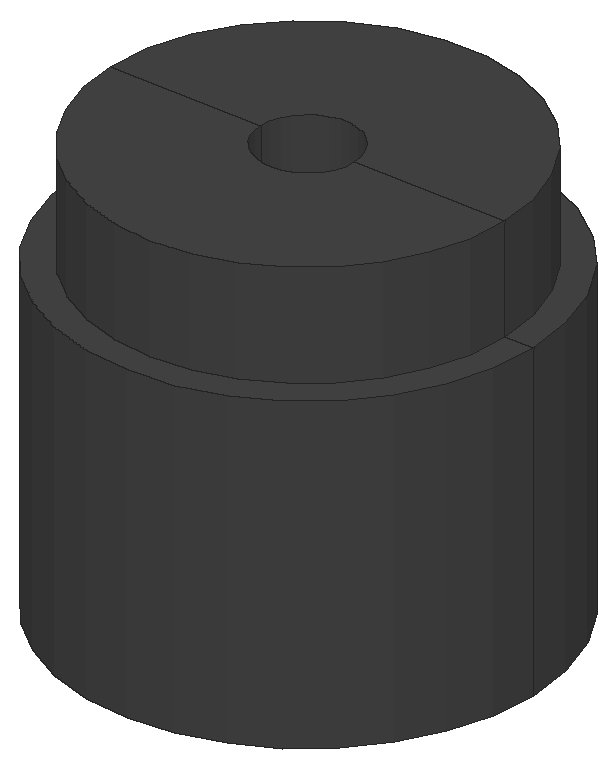
Revit family "Shrub Adapter", category Acessórios do tubo, Revit 2020
Family settings
  Cota do conector redondo = Utilizar diâmetro
  Tipo de parte = Normal
  Com base no plano de trabalho = Não
  Sempre na vertical = Sim
  Corte com vazios quando carregada = Não
  Compartilhado = Sim
Parameters (values of type "PA-8S")
  Visibily = no
  URL = ""
  SupportProjetos: Reviw Date = ""  # constant formula
  SupportProjetos: Reviw = "R00"  # constant formula
  SupportProjetos: Level of Detail = "LOD 300"  # constant formula
  SupportProjetos: Developed = "MICHEL SOARES MOTA"  # constant formula
  SupportProjetos: Creation Date = "31/07/2020"  # constant formula
  RainBird: Description [instance] = "Shrub Adapter PA-8S"
  RainBird: Comment = ""
  Modelo = "PA-8S"
  Material = Black
  Elevação padrão = 0 cm
  DT6 = 0.5 cm
  DT5 = 3 cm
  DT4 = 2 cm
  DT3 = 0.5 cm
  DT2 = 0.635 cm
  DT1 = 0.95 cm
  Comentários de tipos = "https://www.rainbird.com/"
Types (5, lengths in cm): name | Visibily | URL | RainBird: Description | Modelo | Material | DT5 | DT4 | DT1 | Comentários de tipos
  (no name) | no | "" | "Shrub Adapter PA-8S" | "PA-8S" | Black | 3 | 2 | 0.95 | "https://www.rainbird.com/"
  PA-8S | no | "" | "Shrub Adapter PA-8S" | "PA-8S" | Black | 3 | 2 | 0.95 | "https://www.rainbird.com/"
  PA-8S-NP | no | "https://www.rainbird.com/" | "Shrub Adapter PA-8S-NP" | "PA-8S-NP" | Purple | 3.3273 | 2 | 0.95 | 0
  PA-8S-PRS | yes | "https://www.rainbird.com/" | "Shrub Adapter PA-8S-PRS" | "PA-8S-PRS" | Black | 3.3273 | 13.3 | 0.9525 | 0
  PA-8S-P45 | yes | "https://www.rainbird.com/" | "Shrub Adapter PA-8S-P45" | "PA-8S-P45" | Black | 3.3273 | 13.3 | 0.95 | 0
Reference planes (cm)
  plane 1 "Centro (Frente/Trás)": y = 0
  plane 2: z = 0
  plane 3 "Centro (Esquerda/Direita)": x = 0
Forms (cm)
  Revolve 1, solid, material "Black" <- "Material"
    sketch origin (0, 0, 0) x (1, 0, 0) y (0, 0, 1)
      loop
        line (0.95, 0) -> (0.2258, 0) -> (0.2258, -1.5) -> (0.635, -1.5) -> (0.635, -2) -> (1.0863, -2) -> (1.0863, -0.5) -> (0.95, -0.5) -> (0.95, 0)
      axis (0, -2) -> (0, 0)
    angle from 0 to 360
  Revolve 2, solid, material "Black" <- "Material", visible <- "Visibily"
    sketch origin (0, 0, 0) x (1, 0, 0) y (0, 0, 1)
      loop
        line (0.635, -2) -> (0.635, -5) -> (1.5203, -5) -> (1.5203, -2.5) -> (1.9142, -2.5) -> (1.9142, -2) -> (0.635, -2)
      axis (0, -5) -> (0, -2)
    angle from 0 to 360
Dimensions and locks (cm)
  "DT1": Revolve 1 sketch curve to plane 3 "Centro (Esquerda/Direita)"
  "DT2": Revolve 1 sketch curve to plane 3 "Centro (Esquerda/Direita)"
  "DT3": level to Revolve 1 sketch curve
  "DT4": level to Revolve 1 sketch curve
  "DT3": Revolve 1 sketch curve to Revolve 1 sketch curve
  "DT2": Revolve 2 sketch curve to plane 3 "Centro (Esquerda/Direita)"
  "DT5": Revolve 2 sketch curve to Revolve 2 sketch curve
  "DT6": Revolve 2 sketch curve to Revolve 2 sketch curve
  aligned and locked: level to plane 2
  aligned and locked: Revolve 1 sketch curve to level
  aligned and locked: Revolve 2 sketch curve to Revolve 1
Automatic sketch dimensions
  Revolve 1 sketch curve to plane 3 "Centro (Esquerda/Direita)" = 0 cm
  plane 3 "Centro (Esquerda/Direita)" to Revolve 1 sketch curve = 0.2258 cm
  Revolve 1 sketch curve to Revolve 1 sketch curve = 0.1363 cm
  Revolve 1 sketch curve to Revolve 1 sketch curve = 0.1079 cm
  level to Revolve 1 sketch curve = 1.0091 cm
  Revolve 2 sketch curve to plane 3 "Centro (Esquerda/Direita)" = 0 cm
  Revolve 2 sketch curve to Revolve 2 sketch curve = 0.8853 cm
  Revolve 2 sketch curve to Revolve 2 sketch curve = 0.3939 cm
  Revolve 2 sketch curve to Revolve 2 sketch curve = 1 cm  (x2)
Connectors (cm)
  piping at (0, 0, -2), diameter 1.27
    settings: on Revolve 1, index 1, connector inside diameter 609.6 mm, connector length 0 cm, flow factor 0, pipe flow 0.0 L/s, pressure drop 0.0 Pa, fitting loss kfactor 0, connector angle 0.00°, fixture units 0, engagement length 0 cm, angle of deflection 0.00°, flow configuration 0, flow direction 0, fitting loss method 0, system type 28, joint type 0, gender type 0, connector reference index 2, connector utility 0, adjustable connector no, is connector primary yes, connector description ""
  piping at (0, 0, 0), diameter 1.91
    settings: on Revolve 1, index 2, connector inside diameter 609.6 mm, connector length 0 cm, flow factor 0, pipe flow 0.0 L/s, pressure drop 0.0 Pa, fitting loss kfactor 0, connector angle 0.00°, fixture units 0, engagement length 0 cm, angle of deflection 0.00°, flow configuration 0, flow direction 0, fitting loss method 0, system type 28, joint type 0, gender type 0, connector reference index 1, connector utility 0, adjustable connector no, is connector primary no, connector description ""
